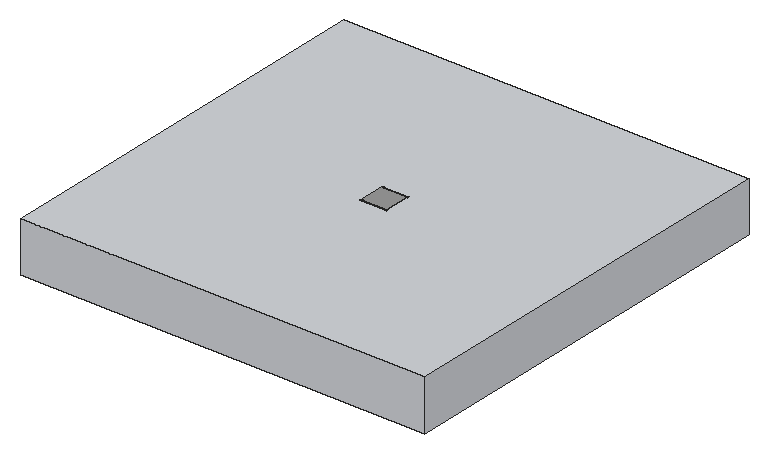
Revit family "LAMP_PUZZLE BLIND MODULE", category Modelos genéricos, Revit 2015
Parameters (values of type "MODULE A BLACK")
  Weight = 0.15 kg
  Product datasheet = "http://www.lamp.es/product-files/TECH/PUCOAB-EN.pdf"
  Product code = "PUCOAB"
  Modelo = Product code  # "PUCOAB"
  Material tapa ciega = LAMP_Aluminio frame Puzzle BL
  Manufacturer name = "LAMP"
  Manufacturer country = "Spain"
  Manufacturer URL = "http://www.lamp.es/en"
  Last update = "25/07/2018"
  Installation instructions = "http://www.lamp.es/product-files/INS/1000620-L-INSTR.%20LUMINARIA%20PUZZLE%20PARA%20PROYECCI%C3%93N.pdf"
  Finish = "Matte black"
  Fabricante = Manufacturer name  # "LAMP"
  Default Elevation = 1219.2 mm
  Distancia = 160 mm
  Dimensions = "160 x 160"
  Descripción = "PUZZLE ACC. IND BLIND MODULE BK."
  Accessory Type = "Assembly"
Types (4, lengths in mm): name | Weight | Product datasheet | Product code | Modelo | Material tapa ciega | Finish | Distancia | Dimensions | Descripción
  MODULE A BLACK | 0.15 kg | "http://www.lamp.es/product-files/TECH/PUCOAB-EN.pdf" | "PUCOAB" | "PUCOAB" | LAMP_Aluminio frame Puzzle BL | "Matte black" | 160 | "160 x 160" | "PUZZLE ACC. IND BLIND MODULE BK."
  MODULE A WHITE | 0.10 kg | "http://www.lamp.es/product-files/TECH/PUCOAW-EN.pdf" | "PUCOAW" | "PUCOAW" | LAMP_Aluminio frame Puzzle WH | "Matte white" | 160 | "160 x 160" | "PUZZLE ACC. IND BLIND MODULE WH."
  MODULE B BLACK | 0.284 kg | "http://www.lamp.es/product-files/TECH/PUCOBB-EN.pdf" | "PUCOBB" | "PUCOBB" | LAMP_Aluminio frame Puzzle BL | "Matte black" | 320 | "320 x 160" | "PUZZLE ACC. DB BLIND MODULE BK."
  MODULE B WHITE | 0.20 kg | "http://www.lamp.es/product-files/TECH/PUCOBW-EN.pdf" | "PUCOBW" | "PUCOBW" | LAMP_Aluminio frame Puzzle WH | "Matte white" | 320 | "320 x 160" | "PUZZLE ACC. DB BLIND MODULE WH."
Reference planes
  plane 1 "Centro (Frontal/Posterior)": y = 0
  plane 2: z = 0
  plane 3 "Centro (Izquierda/Derecha)": x = 0
Forms (mm)
  Extrusion 1, solid
    sketch origin (0, 0, 0) x (1, 0, 0) y (0, 1, 0)
      loop
        line (-1219.2, 1219.2) -> (-1219.2, -1219.2) -> (1219.2, -1219.2) -> (1219.2, 1219.2) -> (-1219.2, 1219.2)
    from 0 to -304.8
  Extrusion 2, solid, material "LAMP_Aluminio frame Puzzle BL" <- "Material tapa ciega"
    sketch origin (0, 0, 1) x (0, -1, 0) y (0, 0, -1)
      loop
        line (-80, 0) -> (80, 0)
        arc (80, 0) -> (80.707, 0.293) -> (81, 1) r 1
        line (81, 1) -> (81, 9) -> (80, 9) -> (80, 1) -> (-80, 1) -> (-80, 9) -> (-81, 9) -> (-81, 1)
        arc (-81, 1) -> (-80.707, 0.293) -> (-80, 0) r 1
    from -80 to 80
Text (mm)
  text "Any modification of the parameters and properties of the LAMP BIM models must be executed and validated by the LAMP technical department.\n\nPhone: +34 93 736 68 00\n\nE-mail: lamp@lamp.es\n\n\n\nLAMP reserves the right to modify the technical specifications of its products." at (-15406.863, 19893.6, -8243.859), in view "Preview"
Dimensions and locks
  equal spacing: Extrusion 2, plane 3 "Centro (Izquierda/Derecha)", Extrusion 2
  "Distancia": Extrusion 2 to Extrusion 2
  aligned and locked: plane 2 to Extrusion 1
  aligned and locked: level to Extrusion 1
Automatic sketch dimensions
  Extrusion 1 sketch curve to Extrusion 1 sketch curve = 2438.4 mm  (x2)
  Extrusion 2 sketch curve to level = 0 mm  (x3)
  Extrusion 2 sketch curve to level = 8 mm  (x2)
  Extrusion 2 sketch curve to plane 1 "Centro (Frontal/Posterior)" = 81 mm
  Extrusion 2 sketch curve to Extrusion 2 sketch curve = 1 mm
  Extrusion 2 sketch curve to Extrusion 2 sketch curve = 0 mm  (x2)
  plane 1 "Centro (Frontal/Posterior)" to Extrusion 2 sketch curve = 80 mm
